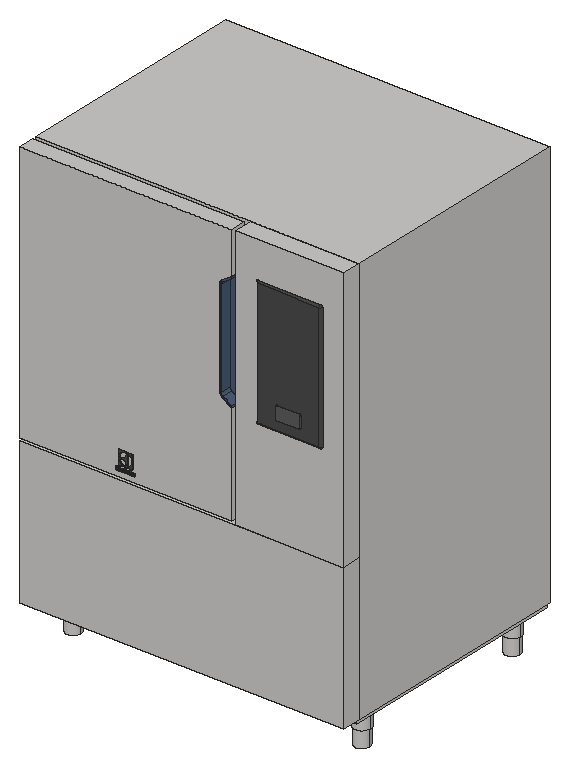
Revit family "QF_ELECTROLUXPROFESSIONAL_727742_EBFA12Q", category Specialty Equipment, Revit 2018 (continued)
Automatic sketch dimensions
  Split face 277 sketch curve to Extrusion 4 = 241.478 mm
  Split face 277 sketch curve to Split face 277 sketch curve = 4.974 mm
  Split face 278 sketch curve to Extrusion 4 = 140.047 mm
  Split face 278 sketch curve to Extrusion 4 = 30.031 mm
  Split face 278 sketch curve to Extrusion 4 = 231.978 mm
  Split face 278 sketch curve to Split face 278 sketch curve = 4.974 mm
  Split face 279 sketch curve to Extrusion 4 = 140.047 mm
  Split face 279 sketch curve to Extrusion 4 = 30.031 mm
  Split face 279 sketch curve to Extrusion 4 = 222.478 mm
  Split face 279 sketch curve to Split face 279 sketch curve = 4.974 mm
  Split face 280 sketch curve to Extrusion 4 = 140.047 mm
  Split face 280 sketch curve to Extrusion 4 = 30.031 mm
  Split face 280 sketch curve to Extrusion 4 = 212.978 mm
  Split face 280 sketch curve to Split face 280 sketch curve = 4.974 mm
  Split face 281 sketch curve to Extrusion 4 = 140.047 mm
  Split face 281 sketch curve to Extrusion 4 = 30.031 mm
  Split face 281 sketch curve to Extrusion 4 = 203.478 mm
  Split face 281 sketch curve to Split face 281 sketch curve = 4.974 mm
  Split face 282 sketch curve to Extrusion 4 = 140.047 mm
  Split face 282 sketch curve to Extrusion 4 = 30.031 mm
  Split face 282 sketch curve to Extrusion 4 = 193.978 mm
  Split face 282 sketch curve to Split face 282 sketch curve = 4.974 mm
  Split face 283 sketch curve to Extrusion 4 = 140.047 mm
  Split face 283 sketch curve to Extrusion 4 = 30.031 mm
  Split face 283 sketch curve to Extrusion 4 = 184.478 mm
  Split face 283 sketch curve to Split face 283 sketch curve = 4.974 mm
  Split face 284 sketch curve to Extrusion 4 = 140.047 mm
  Split face 284 sketch curve to Extrusion 4 = 30.031 mm
  Split face 284 sketch curve to Extrusion 4 = 174.978 mm
  Split face 284 sketch curve to Split face 284 sketch curve = 4.974 mm
  Split face 285 sketch curve to Extrusion 4 = 140.047 mm
  Split face 285 sketch curve to Extrusion 4 = 30.031 mm
  Split face 285 sketch curve to Extrusion 4 = 165.478 mm
  Split face 285 sketch curve to Split face 285 sketch curve = 4.974 mm
  Split face 286 sketch curve to Extrusion 4 = 140.047 mm
  Split face 286 sketch curve to Extrusion 4 = 30.031 mm
  Split face 286 sketch curve to Extrusion 4 = 155.978 mm
  Split face 286 sketch curve to Split face 286 sketch curve = 4.974 mm
  Split face 287 sketch curve to Extrusion 4 = 140.047 mm
  Split face 287 sketch curve to Extrusion 4 = 30.031 mm
  Split face 287 sketch curve to Extrusion 4 = 146.478 mm
  Split face 287 sketch curve to Split face 287 sketch curve = 4.974 mm
  Split face 288 sketch curve to Extrusion 4 = 33.499 mm
  Split face 288 sketch curve to Extrusion 4 = 620.012 mm
  Split face 288 sketch curve to Extrusion 4 = 28.525 mm
  Split face 288 sketch curve to Split face 288 sketch curve = 110.016 mm
  Split face 289 sketch curve to Extrusion 4 = 42.999 mm
  Split face 289 sketch curve to Extrusion 4 = 620.012 mm
  Split face 289 sketch curve to Extrusion 4 = 38.025 mm
  Split face 289 sketch curve to Split face 289 sketch curve = 110.016 mm
  Split face 290 sketch curve to Extrusion 4 = 52.499 mm
  Split face 290 sketch curve to Extrusion 4 = 620.012 mm
  Split face 290 sketch curve to Extrusion 4 = 47.525 mm
  Split face 290 sketch curve to Split face 290 sketch curve = 110.016 mm
  Split face 291 sketch curve to Extrusion 4 = 61.999 mm
  Split face 291 sketch curve to Extrusion 4 = 620.012 mm
  Split face 291 sketch curve to Split face 291 sketch curve = 110.016 mm
  Split face 291 sketch curve to Split face 291 sketch curve = 4.974 mm
  Split face 292 sketch curve to Extrusion 4 = 71.499 mm
  Split face 292 sketch curve to Extrusion 4 = 620.012 mm
  Split face 292 sketch curve to Split face 292 sketch curve = 110.016 mm
  Split face 292 sketch curve to Split face 292 sketch curve = 4.974 mm
  Split face 293 sketch curve to Extrusion 4 = 80.999 mm
  Split face 293 sketch curve to Extrusion 4 = 620.012 mm
  Split face 293 sketch curve to Split face 293 sketch curve = 110.016 mm
  Split face 293 sketch curve to Split face 293 sketch curve = 4.974 mm
  Split face 294 sketch curve to Extrusion 4 = 90.499 mm
  Split face 294 sketch curve to Extrusion 4 = 620.012 mm
  Split face 294 sketch curve to Split face 294 sketch curve = 110.016 mm
  Split face 294 sketch curve to Split face 294 sketch curve = 4.974 mm
  Split face 295 sketch curve to Extrusion 4 = 99.999 mm
  Split face 295 sketch curve to Extrusion 4 = 620.012 mm
  Split face 295 sketch curve to Split face 295 sketch curve = 110.016 mm
  Split face 295 sketch curve to Split face 295 sketch curve = 4.974 mm
  Split face 296 sketch curve to Extrusion 4 = 109.499 mm
  Split face 296 sketch curve to Extrusion 4 = 620.012 mm
  Split face 296 sketch curve to Split face 296 sketch curve = 110.016 mm
  Split face 296 sketch curve to Split face 296 sketch curve = 4.974 mm
  Split face 297 sketch curve to Extrusion 4 = 119 mm
  Split face 297 sketch curve to Extrusion 4 = 620.012 mm
  Split face 297 sketch curve to Split face 297 sketch curve = 110.016 mm
  Split face 297 sketch curve to Split face 297 sketch curve = 4.974 mm
  Split face 298 sketch curve to Extrusion 4 = 128.5 mm
  Split face 298 sketch curve to Extrusion 4 = 620.012 mm
  Split face 298 sketch curve to Split face 298 sketch curve = 110.016 mm
  Split face 298 sketch curve to Split face 298 sketch curve = 4.974 mm
  Split face 299 sketch curve to Extrusion 4 = 138 mm
  Split face 299 sketch curve to Extrusion 4 = 620.012 mm
  Split face 299 sketch curve to Split face 299 sketch curve = 110.016 mm
  Split face 299 sketch curve to Split face 299 sketch curve = 4.974 mm
  Split face 300 sketch curve to Extrusion 4 = 147.5 mm
  Split face 300 sketch curve to Extrusion 4 = 620.012 mm
  Split face 300 sketch curve to Split face 300 sketch curve = 110.016 mm
  Split face 300 sketch curve to Split face 300 sketch curve = 4.974 mm
  Split face 301 sketch curve to Extrusion 4 = 157 mm
  Split face 301 sketch curve to Extrusion 4 = 620.012 mm
  Split face 301 sketch curve to Split face 301 sketch curve = 110.016 mm
  Split face 301 sketch curve to Split face 301 sketch curve = 4.974 mm
  Split face 302 sketch curve to Extrusion 4 = 166.5 mm
  Split face 302 sketch curve to Extrusion 4 = 620.012 mm
  Split face 302 sketch curve to Split face 302 sketch curve = 110.016 mm
  Split face 302 sketch curve to Split face 302 sketch curve = 4.974 mm
  Split face 303 sketch curve to Extrusion 4 = 176 mm
  Split face 303 sketch curve to Extrusion 4 = 620.012 mm
  Split face 303 sketch curve to Split face 303 sketch curve = 110.016 mm
  Split face 303 sketch curve to Split face 303 sketch curve = 4.974 mm
  Split face 304 sketch curve to Extrusion 4 = 185.5 mm
  Split face 304 sketch curve to Extrusion 4 = 620.012 mm
  Split face 304 sketch curve to Split face 304 sketch curve = 110.016 mm
  Split face 304 sketch curve to Split face 304 sketch curve = 4.974 mm
  Split face 305 sketch curve to Extrusion 4 = 195 mm
  Split face 305 sketch curve to Extrusion 4 = 620.012 mm
  Split face 305 sketch curve to Split face 305 sketch curve = 110.016 mm
  Split face 305 sketch curve to Split face 305 sketch curve = 4.974 mm
  Split face 306 sketch curve to Extrusion 4 = 204.5 mm
  Split face 306 sketch curve to Extrusion 4 = 620.012 mm
  Split face 306 sketch curve to Split face 306 sketch curve = 110.016 mm
  Split face 306 sketch curve to Split face 306 sketch curve = 4.974 mm
  Split face 307 sketch curve to Extrusion 4 = 214 mm
  Split face 307 sketch curve to Extrusion 4 = 620.012 mm
  Split face 307 sketch curve to Split face 307 sketch curve = 110.016 mm
  Split face 307 sketch curve to Split face 307 sketch curve = 4.974 mm
  Split face 308 sketch curve to Extrusion 4 = 223.5 mm
  Split face 308 sketch curve to Extrusion 4 = 620.012 mm
  Split face 308 sketch curve to Split face 308 sketch curve = 110.016 mm
  Split face 308 sketch curve to Split face 308 sketch curve = 4.974 mm
  Split face 309 sketch curve to Extrusion 4 = 233.001 mm
  Split face 309 sketch curve to Extrusion 4 = 620.012 mm
  Split face 309 sketch curve to Split face 309 sketch curve = 110.016 mm
  Split face 309 sketch curve to Split face 309 sketch curve = 4.974 mm
  Split face 310 sketch curve to Extrusion 4 = 242.501 mm
  Split face 310 sketch curve to Extrusion 4 = 620.012 mm
  Split face 310 sketch curve to Split face 310 sketch curve = 110.016 mm
  Split face 310 sketch curve to Split face 310 sketch curve = 4.974 mm
  Split face 311 sketch curve to Extrusion 4 = 252.001 mm
  Split face 311 sketch curve to Extrusion 4 = 620.012 mm
  Split face 311 sketch curve to Split face 311 sketch curve = 110.016 mm
  Split face 311 sketch curve to Split face 311 sketch curve = 4.974 mm
  Split face 312 sketch curve to Extrusion 4 = 261.501 mm
  Split face 312 sketch curve to Extrusion 4 = 620.012 mm
  Split face 312 sketch curve to Split face 312 sketch curve = 110.016 mm
  Split face 312 sketch curve to Split face 312 sketch curve = 4.974 mm
  Split face 313 sketch curve to Extrusion 4 = 271.001 mm
  Split face 313 sketch curve to Extrusion 4 = 620.012 mm
  Split face 313 sketch curve to Split face 313 sketch curve = 110.016 mm
  Split face 313 sketch curve to Split face 313 sketch curve = 4.974 mm
  Split face 314 sketch curve to Extrusion 4 = 279.479 mm
  Split face 314 sketch curve to Extrusion 4 = 620.012 mm
  Split face 314 sketch curve to Split face 314 sketch curve = 110.016 mm
  Split face 314 sketch curve to Split face 314 sketch curve = 4.974 mm
  Split face 315 sketch curve to Extrusion 4 = 269.979 mm
  Split face 315 sketch curve to Extrusion 4 = 620.012 mm
  Split face 315 sketch curve to Split face 315 sketch curve = 110.016 mm
  Split face 315 sketch curve to Split face 315 sketch curve = 4.974 mm
  Split face 316 sketch curve to Extrusion 4 = 260.479 mm
  Split face 316 sketch curve to Extrusion 4 = 620.012 mm
  Split face 316 sketch curve to Split face 316 sketch curve = 110.016 mm
  Split face 316 sketch curve to Split face 316 sketch curve = 4.974 mm
  Split face 317 sketch curve to Extrusion 4 = 250.978 mm
  Split face 317 sketch curve to Extrusion 4 = 620.012 mm
  Split face 317 sketch curve to Split face 317 sketch curve = 110.016 mm
  Split face 317 sketch curve to Split face 317 sketch curve = 4.974 mm
  Split face 318 sketch curve to Extrusion 4 = 241.478 mm
  Split face 318 sketch curve to Extrusion 4 = 620.012 mm
  Split face 318 sketch curve to Split face 318 sketch curve = 110.016 mm
  Split face 318 sketch curve to Split face 318 sketch curve = 4.974 mm
  Split face 319 sketch curve to Extrusion 4 = 231.978 mm
  Split face 319 sketch curve to Extrusion 4 = 620.012 mm
  Split face 319 sketch curve to Split face 319 sketch curve = 110.016 mm
  Split face 319 sketch curve to Split face 319 sketch curve = 4.974 mm
  Split face 320 sketch curve to Extrusion 4 = 222.478 mm
  Split face 320 sketch curve to Extrusion 4 = 620.012 mm
  Split face 320 sketch curve to Split face 320 sketch curve = 110.016 mm
  Split face 320 sketch curve to Split face 320 sketch curve = 4.974 mm
  Split face 321 sketch curve to Extrusion 4 = 212.978 mm
  Split face 321 sketch curve to Extrusion 4 = 620.012 mm
  Split face 321 sketch curve to Split face 321 sketch curve = 110.016 mm
  Split face 321 sketch curve to Split face 321 sketch curve = 4.974 mm
  Split face 322 sketch curve to Extrusion 4 = 203.478 mm
  Split face 322 sketch curve to Extrusion 4 = 620.012 mm
  Split face 322 sketch curve to Split face 322 sketch curve = 110.016 mm
  Split face 322 sketch curve to Split face 322 sketch curve = 4.974 mm
  Split face 323 sketch curve to Extrusion 4 = 193.978 mm
  Split face 323 sketch curve to Extrusion 4 = 620.012 mm
  Split face 323 sketch curve to Split face 323 sketch curve = 110.016 mm
  Split face 323 sketch curve to Split face 323 sketch curve = 4.974 mm
  Split face 324 sketch curve to Extrusion 4 = 184.478 mm
  Split face 324 sketch curve to Extrusion 4 = 620.012 mm
  Split face 324 sketch curve to Split face 324 sketch curve = 110.016 mm
  Split face 324 sketch curve to Split face 324 sketch curve = 4.974 mm
  Split face 325 sketch curve to Extrusion 4 = 174.978 mm
  Split face 325 sketch curve to Extrusion 4 = 620.012 mm
  Split face 325 sketch curve to Split face 325 sketch curve = 110.016 mm
  Split face 325 sketch curve to Split face 325 sketch curve = 4.974 mm
  Split face 326 sketch curve to Extrusion 4 = 165.478 mm
  Split face 326 sketch curve to Extrusion 4 = 620.012 mm
  Split face 326 sketch curve to Split face 326 sketch curve = 110.016 mm
  Split face 326 sketch curve to Split face 326 sketch curve = 4.974 mm
  Split face 327 sketch curve to Extrusion 4 = 155.978 mm
  Split face 327 sketch curve to Extrusion 4 = 620.012 mm
  Split face 327 sketch curve to Split face 327 sketch curve = 110.016 mm
  Split face 327 sketch curve to Split face 327 sketch curve = 4.974 mm
  Split face 328 sketch curve to Extrusion 4 = 146.478 mm
  Split face 328 sketch curve to Extrusion 4 = 620.012 mm
  Split face 328 sketch curve to Split face 328 sketch curve = 110.016 mm
  Split face 328 sketch curve to Split face 328 sketch curve = 4.974 mm
  Split face 329 sketch curve to Extrusion 4 = 33.499 mm
  Split face 329 sketch curve to Extrusion 4 = 500.021 mm
  Split face 329 sketch curve to Extrusion 4 = 28.525 mm
  Split face 329 sketch curve to Split face 329 sketch curve = 110.016 mm
  Split face 330 sketch curve to Extrusion 4 = 42.999 mm
  Split face 330 sketch curve to Extrusion 4 = 500.021 mm
  Split face 330 sketch curve to Extrusion 4 = 38.025 mm
  Split face 330 sketch curve to Split face 330 sketch curve = 110.016 mm
  Split face 331 sketch curve to Extrusion 4 = 52.499 mm
  Split face 331 sketch curve to Extrusion 4 = 500.021 mm
  Split face 331 sketch curve to Extrusion 4 = 47.525 mm
  Split face 331 sketch curve to Split face 331 sketch curve = 110.016 mm
  Split face 332 sketch curve to Extrusion 4 = 61.999 mm
  Split face 332 sketch curve to Extrusion 4 = 500.021 mm
  Split face 332 sketch curve to Split face 332 sketch curve = 110.016 mm
  Split face 332 sketch curve to Split face 332 sketch curve = 4.974 mm
  Split face 333 sketch curve to Extrusion 4 = 71.499 mm
  Split face 333 sketch curve to Extrusion 4 = 500.021 mm
  Split face 333 sketch curve to Split face 333 sketch curve = 110.016 mm
  Split face 333 sketch curve to Split face 333 sketch curve = 4.974 mm
  Split face 334 sketch curve to Extrusion 4 = 80.999 mm
  Split face 334 sketch curve to Extrusion 4 = 500.021 mm
  Split face 334 sketch curve to Split face 334 sketch curve = 110.016 mm
  Split face 334 sketch curve to Split face 334 sketch curve = 4.974 mm
  Split face 335 sketch curve to Extrusion 4 = 90.499 mm
  Split face 335 sketch curve to Extrusion 4 = 500.021 mm
  Split face 335 sketch curve to Split face 335 sketch curve = 110.016 mm
  Split face 335 sketch curve to Split face 335 sketch curve = 4.974 mm
  Split face 336 sketch curve to Extrusion 4 = 99.999 mm
  Split face 336 sketch curve to Extrusion 4 = 500.021 mm
  Split face 336 sketch curve to Split face 336 sketch curve = 110.016 mm
  Split face 336 sketch curve to Split face 336 sketch curve = 4.974 mm
  Split face 337 sketch curve to Extrusion 4 = 109.499 mm
  Split face 337 sketch curve to Extrusion 4 = 500.021 mm
  Split face 337 sketch curve to Split face 337 sketch curve = 110.016 mm
  Split face 337 sketch curve to Split face 337 sketch curve = 4.974 mm
  Split face 338 sketch curve to Extrusion 4 = 119 mm
  Split face 338 sketch curve to Extrusion 4 = 500.021 mm
  Split face 338 sketch curve to Split face 338 sketch curve = 110.016 mm
  Split face 338 sketch curve to Split face 338 sketch curve = 4.974 mm
  Split face 339 sketch curve to Extrusion 4 = 128.5 mm
  Split face 339 sketch curve to Extrusion 4 = 500.021 mm
  Split face 339 sketch curve to Split face 339 sketch curve = 110.016 mm
  Split face 339 sketch curve to Split face 339 sketch curve = 4.974 mm
  Split face 340 sketch curve to Extrusion 4 = 138 mm
  Split face 340 sketch curve to Extrusion 4 = 500.021 mm
  Split face 340 sketch curve to Split face 340 sketch curve = 110.016 mm
  Split face 340 sketch curve to Split face 340 sketch curve = 4.974 mm
  Split face 341 sketch curve to Extrusion 4 = 147.5 mm
  Split face 341 sketch curve to Extrusion 4 = 500.021 mm
  Split face 341 sketch curve to Split face 341 sketch curve = 110.016 mm
  Split face 341 sketch curve to Split face 341 sketch curve = 4.974 mm
  Split face 342 sketch curve to Extrusion 4 = 157 mm
  Split face 342 sketch curve to Extrusion 4 = 500.021 mm
  Split face 342 sketch curve to Split face 342 sketch curve = 110.016 mm
  Split face 342 sketch curve to Split face 342 sketch curve = 4.974 mm
  Split face 343 sketch curve to Extrusion 4 = 166.5 mm
  Split face 343 sketch curve to Extrusion 4 = 500.021 mm
  Split face 343 sketch curve to Split face 343 sketch curve = 110.016 mm
  Split face 343 sketch curve to Split face 343 sketch curve = 4.974 mm
  Split face 344 sketch curve to Extrusion 4 = 176 mm
  Split face 344 sketch curve to Extrusion 4 = 500.021 mm
  Split face 344 sketch curve to Split face 344 sketch curve = 110.016 mm
  Split face 344 sketch curve to Split face 344 sketch curve = 4.974 mm
  Split face 345 sketch curve to Extrusion 4 = 185.5 mm
  Split face 345 sketch curve to Extrusion 4 = 500.021 mm
  Split face 345 sketch curve to Split face 345 sketch curve = 110.016 mm
  Split face 345 sketch curve to Split face 345 sketch curve = 4.974 mm
  Split face 346 sketch curve to Extrusion 4 = 195 mm
  Split face 346 sketch curve to Extrusion 4 = 500.021 mm
  Split face 346 sketch curve to Split face 346 sketch curve = 110.016 mm
  Split face 346 sketch curve to Split face 346 sketch curve = 4.974 mm
  Split face 347 sketch curve to Extrusion 4 = 204.5 mm
  Split face 347 sketch curve to Extrusion 4 = 500.021 mm
  Split face 347 sketch curve to Split face 347 sketch curve = 110.016 mm
  Split face 347 sketch curve to Split face 347 sketch curve = 4.974 mm
  Split face 348 sketch curve to Extrusion 4 = 214 mm
  Split face 348 sketch curve to Extrusion 4 = 500.021 mm
  Split face 348 sketch curve to Split face 348 sketch curve = 110.016 mm
  Split face 348 sketch curve to Split face 348 sketch curve = 4.974 mm
  Split face 349 sketch curve to Extrusion 4 = 223.5 mm
  Split face 349 sketch curve to Extrusion 4 = 500.021 mm
  Split face 349 sketch curve to Split face 349 sketch curve = 110.016 mm
  Split face 349 sketch curve to Split face 349 sketch curve = 4.974 mm
  Split face 350 sketch curve to Extrusion 4 = 233.001 mm
  Split face 350 sketch curve to Extrusion 4 = 500.021 mm
  Split face 350 sketch curve to Split face 350 sketch curve = 110.016 mm
  Split face 350 sketch curve to Split face 350 sketch curve = 4.974 mm
  Split face 351 sketch curve to Extrusion 4 = 242.501 mm
  Split face 351 sketch curve to Extrusion 4 = 500.021 mm
  Split face 351 sketch curve to Split face 351 sketch curve = 110.016 mm
  Split face 351 sketch curve to Split face 351 sketch curve = 4.974 mm
  Split face 352 sketch curve to Extrusion 4 = 500.021 mm
  Split face 352 sketch curve to Split face 352 sketch curve = 110.016 mm
  Split face 352 sketch curve to Extrusion 4 = 252.001 mm
  Split face 352 sketch curve to Split face 352 sketch curve = 4.974 mm
  Split face 353 sketch curve to Extrusion 4 = 500.021 mm
  Split face 353 sketch curve to Split face 353 sketch curve = 110.016 mm
  Split face 353 sketch curve to Extrusion 4 = 261.501 mm
  Split face 353 sketch curve to Split face 353 sketch curve = 4.974 mm
  Split face 354 sketch curve to Extrusion 4 = 500.021 mm
  Split face 354 sketch curve to Split face 354 sketch curve = 110.016 mm
  Split face 354 sketch curve to Extrusion 4 = 271.001 mm
  Split face 354 sketch curve to Split face 354 sketch curve = 4.974 mm
  Split face 355 sketch curve to Extrusion 4 = 500.021 mm
  Split face 355 sketch curve to Split face 355 sketch curve = 110.016 mm
  Split face 355 sketch curve to Extrusion 4 = 279.479 mm
  Split face 355 sketch curve to Split face 355 sketch curve = 4.974 mm
  Split face 356 sketch curve to Extrusion 4 = 500.021 mm
  Split face 356 sketch curve to Split face 356 sketch curve = 110.016 mm
  Split face 356 sketch curve to Extrusion 4 = 269.979 mm
  Split face 356 sketch curve to Split face 356 sketch curve = 4.974 mm
  Split face 357 sketch curve to Extrusion 4 = 500.021 mm
  Split face 357 sketch curve to Split face 357 sketch curve = 110.016 mm
  Split face 357 sketch curve to Extrusion 4 = 260.479 mm
  Split face 357 sketch curve to Split face 357 sketch curve = 4.974 mm
  Split face 358 sketch curve to Extrusion 4 = 500.021 mm
  Split face 358 sketch curve to Split face 358 sketch curve = 110.016 mm
  Split face 358 sketch curve to Extrusion 4 = 250.978 mm
  Split face 358 sketch curve to Split face 358 sketch curve = 4.974 mm
  Split face 359 sketch curve to Extrusion 4 = 241.478 mm
  Split face 359 sketch curve to Extrusion 4 = 500.021 mm
  Split face 359 sketch curve to Split face 359 sketch curve = 110.016 mm
  Split face 359 sketch curve to Split face 359 sketch curve = 4.974 mm
  Split face 360 sketch curve to Extrusion 4 = 231.978 mm
  Split face 360 sketch curve to Extrusion 4 = 500.021 mm
  Split face 360 sketch curve to Split face 360 sketch curve = 110.016 mm
  Split face 360 sketch curve to Split face 360 sketch curve = 4.974 mm
  Split face 361 sketch curve to Extrusion 4 = 222.478 mm
  Split face 361 sketch curve to Extrusion 4 = 500.021 mm
  Split face 361 sketch curve to Split face 361 sketch curve = 110.016 mm
  Split face 361 sketch curve to Split face 361 sketch curve = 4.974 mm
  Split face 362 sketch curve to Extrusion 4 = 212.978 mm
  Split face 362 sketch curve to Extrusion 4 = 500.021 mm
  Split face 362 sketch curve to Split face 362 sketch curve = 110.016 mm
  Split face 362 sketch curve to Split face 362 sketch curve = 4.974 mm
  Split face 363 sketch curve to Extrusion 4 = 203.478 mm
  Split face 363 sketch curve to Extrusion 4 = 500.021 mm
  Split face 363 sketch curve to Split face 363 sketch curve = 110.016 mm
  Split face 363 sketch curve to Split face 363 sketch curve = 4.974 mm
  Split face 364 sketch curve to Extrusion 4 = 193.978 mm
  Split face 364 sketch curve to Extrusion 4 = 500.021 mm
  Split face 364 sketch curve to Split face 364 sketch curve = 110.016 mm
  Split face 364 sketch curve to Split face 364 sketch curve = 4.974 mm
  Split face 365 sketch curve to Extrusion 4 = 184.478 mm
  Split face 365 sketch curve to Extrusion 4 = 500.021 mm
  Split face 365 sketch curve to Split face 365 sketch curve = 110.016 mm
  Split face 365 sketch curve to Split face 365 sketch curve = 4.974 mm
  Split face 366 sketch curve to Extrusion 4 = 174.978 mm
  Split face 366 sketch curve to Extrusion 4 = 500.021 mm
  Split face 366 sketch curve to Split face 366 sketch curve = 110.016 mm
  Split face 366 sketch curve to Split face 366 sketch curve = 4.974 mm
  Split face 367 sketch curve to Extrusion 4 = 165.478 mm
  Split face 367 sketch curve to Extrusion 4 = 500.021 mm
  Split face 367 sketch curve to Split face 367 sketch curve = 110.016 mm
  Split face 367 sketch curve to Split face 367 sketch curve = 4.974 mm
  Split face 368 sketch curve to Extrusion 4 = 155.978 mm
  Split face 368 sketch curve to Extrusion 4 = 500.021 mm
  Split face 368 sketch curve to Split face 368 sketch curve = 110.016 mm
  Split face 368 sketch curve to Split face 368 sketch curve = 4.974 mm
  Split face 369 sketch curve to Extrusion 4 = 146.478 mm
  Split face 369 sketch curve to Extrusion 4 = 500.021 mm
  Split face 369 sketch curve to Split face 369 sketch curve = 110.016 mm
  Split face 369 sketch curve to Split face 369 sketch curve = 4.974 mm
  Split face 370 sketch curve to Extrusion 4 = 33.499 mm
  Split face 370 sketch curve to Extrusion 4 = 509.996 mm
  Split face 370 sketch curve to Extrusion 4 = 28.525 mm
  Split face 370 sketch curve to Split face 370 sketch curve = 110.016 mm
  Split face 371 sketch curve to Extrusion 4 = 42.999 mm
  Split face 371 sketch curve to Extrusion 4 = 509.996 mm
  Split face 371 sketch curve to Extrusion 4 = 38.025 mm
  Split face 371 sketch curve to Split face 371 sketch curve = 110.016 mm
  Split face 372 sketch curve to Extrusion 4 = 52.499 mm
  Split face 372 sketch curve to Extrusion 4 = 509.996 mm
  Split face 372 sketch curve to Extrusion 4 = 47.525 mm
  Split face 372 sketch curve to Split face 372 sketch curve = 110.016 mm
  Split face 373 sketch curve to Extrusion 4 = 61.999 mm
  Split face 373 sketch curve to Extrusion 4 = 509.996 mm
  Split face 373 sketch curve to Split face 373 sketch curve = 110.016 mm
  Split face 373 sketch curve to Split face 373 sketch curve = 4.974 mm
  Split face 374 sketch curve to Extrusion 4 = 71.499 mm
  Split face 374 sketch curve to Extrusion 4 = 509.996 mm
  Split face 374 sketch curve to Split face 374 sketch curve = 110.016 mm
  Split face 374 sketch curve to Split face 374 sketch curve = 4.974 mm
  Split face 375 sketch curve to Extrusion 4 = 80.999 mm
  Split face 375 sketch curve to Extrusion 4 = 509.996 mm
  Split face 375 sketch curve to Split face 375 sketch curve = 110.016 mm
  Split face 375 sketch curve to Split face 375 sketch curve = 4.974 mm
  Split face 376 sketch curve to Extrusion 4 = 90.499 mm
  Split face 376 sketch curve to Extrusion 4 = 509.996 mm
  Split face 376 sketch curve to Split face 376 sketch curve = 110.016 mm
  Split face 376 sketch curve to Split face 376 sketch curve = 4.974 mm
  Split face 377 sketch curve to Extrusion 4 = 99.999 mm
  Split face 377 sketch curve to Extrusion 4 = 509.996 mm
  Split face 377 sketch curve to Split face 377 sketch curve = 110.016 mm
  Split face 377 sketch curve to Split face 377 sketch curve = 4.974 mm
  Split face 378 sketch curve to Extrusion 4 = 109.499 mm
  Split face 378 sketch curve to Extrusion 4 = 509.996 mm
  Split face 378 sketch curve to Split face 378 sketch curve = 110.016 mm
  Split face 378 sketch curve to Split face 378 sketch curve = 4.974 mm
  Split face 379 sketch curve to Extrusion 4 = 119 mm
  Split face 379 sketch curve to Extrusion 4 = 509.996 mm
  Split face 379 sketch curve to Split face 379 sketch curve = 110.016 mm
  Split face 379 sketch curve to Split face 379 sketch curve = 4.974 mm
  Split face 380 sketch curve to Extrusion 4 = 128.5 mm
  Split face 380 sketch curve to Extrusion 4 = 509.996 mm
  Split face 380 sketch curve to Split face 380 sketch curve = 110.016 mm
  Split face 380 sketch curve to Split face 380 sketch curve = 4.974 mm
  Split face 381 sketch curve to Extrusion 4 = 138 mm
  Split face 381 sketch curve to Extrusion 4 = 509.996 mm
  Split face 381 sketch curve to Split face 381 sketch curve = 110.016 mm
  Split face 381 sketch curve to Split face 381 sketch curve = 4.974 mm
  Split face 382 sketch curve to Extrusion 4 = 147.5 mm
  Split face 382 sketch curve to Extrusion 4 = 509.996 mm
  Split face 382 sketch curve to Split face 382 sketch curve = 110.016 mm
  Split face 382 sketch curve to Split face 382 sketch curve = 4.974 mm
  Split face 383 sketch curve to Extrusion 4 = 157 mm
  Split face 383 sketch curve to Extrusion 4 = 509.996 mm
  Split face 383 sketch curve to Split face 383 sketch curve = 110.016 mm
  Split face 383 sketch curve to Split face 383 sketch curve = 4.974 mm
  Split face 384 sketch curve to Extrusion 4 = 166.5 mm
  Split face 384 sketch curve to Extrusion 4 = 509.996 mm
  Split face 384 sketch curve to Split face 384 sketch curve = 110.016 mm
  Split face 384 sketch curve to Split face 384 sketch curve = 4.974 mm
  Split face 385 sketch curve to Extrusion 4 = 176 mm
  Split face 385 sketch curve to Extrusion 4 = 509.996 mm
  Split face 385 sketch curve to Split face 385 sketch curve = 110.016 mm
  Split face 385 sketch curve to Split face 385 sketch curve = 4.974 mm
  Split face 386 sketch curve to Extrusion 4 = 185.5 mm
  Split face 386 sketch curve to Extrusion 4 = 509.996 mm
  Split face 386 sketch curve to Split face 386 sketch curve = 110.016 mm
  Split face 386 sketch curve to Split face 386 sketch curve = 4.974 mm
  Split face 387 sketch curve to Extrusion 4 = 195 mm
  Split face 387 sketch curve to Extrusion 4 = 509.996 mm
  Split face 387 sketch curve to Split face 387 sketch curve = 110.016 mm
  Split face 387 sketch curve to Split face 387 sketch curve = 4.974 mm
  Split face 388 sketch curve to Extrusion 4 = 204.5 mm
  Split face 388 sketch curve to Extrusion 4 = 509.996 mm
  Split face 388 sketch curve to Split face 388 sketch curve = 110.016 mm
  Split face 388 sketch curve to Split face 388 sketch curve = 4.974 mm
  Split face 389 sketch curve to Extrusion 4 = 214 mm
  Split face 389 sketch curve to Extrusion 4 = 509.996 mm
  Split face 389 sketch curve to Split face 389 sketch curve = 110.016 mm
  Split face 389 sketch curve to Split face 389 sketch curve = 4.974 mm
  Split face 390 sketch curve to Extrusion 4 = 223.5 mm
  Split face 390 sketch curve to Extrusion 4 = 509.996 mm
  Split face 390 sketch curve to Split face 390 sketch curve = 110.016 mm
  Split face 390 sketch curve to Split face 390 sketch curve = 4.974 mm
  Split face 391 sketch curve to Extrusion 4 = 233.001 mm
  Split face 391 sketch curve to Extrusion 4 = 509.996 mm
  Split face 391 sketch curve to Split face 391 sketch curve = 110.016 mm
  Split face 391 sketch curve to Split face 391 sketch curve = 4.974 mm
  Split face 392 sketch curve to Extrusion 4 = 242.501 mm
  Split face 392 sketch curve to Extrusion 4 = 509.996 mm
  Split face 392 sketch curve to Split face 392 sketch curve = 110.016 mm
  Split face 392 sketch curve to Split face 392 sketch curve = 4.974 mm
  Split face 393 sketch curve to Extrusion 4 = 252.001 mm
  Split face 393 sketch curve to Extrusion 4 = 509.996 mm
  Split face 393 sketch curve to Split face 393 sketch curve = 110.016 mm
  Split face 393 sketch curve to Split face 393 sketch curve = 4.974 mm
  Split face 394 sketch curve to Extrusion 4 = 509.996 mm
  Split face 394 sketch curve to Split face 394 sketch curve = 110.016 mm
  Split face 394 sketch curve to Extrusion 4 = 261.501 mm
  Split face 394 sketch curve to Split face 394 sketch curve = 4.974 mm
  Split face 395 sketch curve to Extrusion 4 = 509.996 mm
  Split face 395 sketch curve to Split face 395 sketch curve = 110.016 mm
  Split face 395 sketch curve to Extrusion 4 = 271.001 mm
  Split face 395 sketch curve to Split face 395 sketch curve = 4.974 mm
  Split face 396 sketch curve to Extrusion 4 = 509.996 mm
  Split face 396 sketch curve to Split face 396 sketch curve = 110.016 mm
  Split face 396 sketch curve to Extrusion 4 = 279.479 mm
  Split face 396 sketch curve to Split face 396 sketch curve = 4.974 mm
  Split face 397 sketch curve to Extrusion 4 = 509.996 mm
  Split face 397 sketch curve to Split face 397 sketch curve = 110.016 mm
  Split face 397 sketch curve to Extrusion 4 = 269.979 mm
  Split face 397 sketch curve to Split face 397 sketch curve = 4.974 mm
  Split face 398 sketch curve to Extrusion 4 = 509.996 mm
  Split face 398 sketch curve to Split face 398 sketch curve = 110.016 mm
  Split face 398 sketch curve to Extrusion 4 = 260.479 mm
  Split face 398 sketch curve to Split face 398 sketch curve = 4.974 mm
  Split face 399 sketch curve to Extrusion 4 = 250.978 mm
  Split face 399 sketch curve to Extrusion 4 = 509.996 mm
  Split face 399 sketch curve to Split face 399 sketch curve = 110.016 mm
  Split face 399 sketch curve to Split face 399 sketch curve = 4.974 mm
  Split face 400 sketch curve to Extrusion 4 = 241.478 mm
  Split face 400 sketch curve to Extrusion 4 = 509.996 mm
  Split face 400 sketch curve to Split face 400 sketch curve = 110.016 mm
  Split face 400 sketch curve to Split face 400 sketch curve = 4.974 mm
  Split face 401 sketch curve to Extrusion 4 = 231.978 mm
  Split face 401 sketch curve to Extrusion 4 = 509.996 mm
  Split face 401 sketch curve to Split face 401 sketch curve = 110.016 mm
  Split face 401 sketch curve to Split face 401 sketch curve = 4.974 mm
  Split face 402 sketch curve to Extrusion 4 = 222.478 mm
  Split face 402 sketch curve to Extrusion 4 = 509.996 mm
  Split face 402 sketch curve to Split face 402 sketch curve = 110.016 mm
  Split face 402 sketch curve to Split face 402 sketch curve = 4.974 mm
  Split face 403 sketch curve to Extrusion 4 = 212.978 mm
  Split face 403 sketch curve to Extrusion 4 = 509.996 mm
  Split face 403 sketch curve to Split face 403 sketch curve = 110.016 mm
  Split face 403 sketch curve to Split face 403 sketch curve = 4.974 mm
  Split face 404 sketch curve to Extrusion 4 = 203.478 mm
  Split face 404 sketch curve to Extrusion 4 = 509.996 mm
  Split face 404 sketch curve to Split face 404 sketch curve = 110.016 mm
  Split face 404 sketch curve to Split face 404 sketch curve = 4.974 mm
  Split face 405 sketch curve to Extrusion 4 = 193.978 mm
  Split face 405 sketch curve to Extrusion 4 = 509.996 mm
  Split face 405 sketch curve to Split face 405 sketch curve = 110.016 mm
  Split face 405 sketch curve to Split face 405 sketch curve = 4.974 mm
  Split face 406 sketch curve to Extrusion 4 = 184.478 mm
  Split face 406 sketch curve to Extrusion 4 = 509.996 mm
  Split face 406 sketch curve to Split face 406 sketch curve = 110.016 mm
  Split face 406 sketch curve to Split face 406 sketch curve = 4.974 mm
  Split face 407 sketch curve to Extrusion 4 = 174.978 mm
  Split face 407 sketch curve to Extrusion 4 = 509.996 mm
  Split face 407 sketch curve to Split face 407 sketch curve = 110.016 mm
  Split face 407 sketch curve to Split face 407 sketch curve = 4.974 mm
  Split face 408 sketch curve to Extrusion 4 = 165.478 mm
  Split face 408 sketch curve to Extrusion 4 = 509.996 mm
  Split face 408 sketch curve to Split face 408 sketch curve = 110.016 mm
  Split face 408 sketch curve to Split face 408 sketch curve = 4.974 mm
  Split face 409 sketch curve to Extrusion 4 = 155.978 mm
  Split face 409 sketch curve to Extrusion 4 = 509.996 mm
  Split face 409 sketch curve to Split face 409 sketch curve = 110.016 mm
  Split face 409 sketch curve to Split face 409 sketch curve = 4.974 mm
  Split face 410 sketch curve to Extrusion 4 = 146.478 mm
  Split face 410 sketch curve to Extrusion 4 = 509.996 mm
  Split face 410 sketch curve to Split face 410 sketch curve = 110.016 mm
  Split face 410 sketch curve to Split face 410 sketch curve = 4.974 mm
  Extrusion 14 sketch curve to plane 7 "TOP" = 0 mm
  plane 5 "FRONT" to Extrusion 14 sketch curve = 0 mm
  plane 10 to Extrusion 14 sketch curve = 47.24 mm
  Extrusion 14 sketch curve to plane 7 "TOP" = 186.112 mm
  Extrusion 14 sketch curve to Extrusion 14 sketch curve = 8.487 mm
  Extrusion 14 sketch curve to Extrusion 14 sketch curve = 8.95 mm
  Extrusion 14 sketch curve to Extrusion 14 sketch curve = 10.513 mm
  Extrusion 14 sketch curve to Extrusion 14 sketch curve = 11.05 mm
  Extrusion 14 sketch curve to Extrusion 14 sketch curve = 35.79 mm
  Extrusion 14 sketch curve to plane 7 "TOP" = 162.03 mm
  Extrusion 14 sketch curve to Extrusion 14 sketch curve = 36.253 mm
  Extrusion 14 sketch curve to Extrusion 14 sketch curve = 374.913 mm
  Extrusion 14 sketch curve to Extrusion 14 sketch curve = 23.723 mm
  plane 6 to Extrusion 14 sketch curve = 589.524 mm
  plane 10 to Extrusion 15 sketch curve = 47.24 mm
  Extrusion 15 sketch curve to plane 7 "TOP" = 186.112 mm
  Extrusion 15 sketch curve to Extrusion 15 sketch curve = 8.487 mm
  Extrusion 15 sketch curve to Extrusion 15 sketch curve = 8.95 mm
  Extrusion 15 sketch curve to Extrusion 15 sketch curve = 19 mm
  Extrusion 15 sketch curve to Extrusion 15 sketch curve = 11.05 mm
  Extrusion 15 sketch curve to Extrusion 15 sketch curve = 374.913 mm
  Extrusion 15 sketch curve to plane 7 "TOP" = 162.03 mm
  Extrusion 15 sketch curve to Extrusion 15 sketch curve = 36.253 mm
  Extrusion 15 sketch curve to Extrusion 15 sketch curve = 35.79 mm
  Extrusion 15 sketch curve to Extrusion 15 sketch curve = 0 mm  (x3)
  Extrusion 15 sketch curve to Extrusion 15 sketch curve = 23.723 mm
  Extrusion 16 sketch curve to Extrusion 16 sketch curve = 0 mm  (x4)
  Extrusion 16 sketch curve to plane 7 "TOP" = 168.172 mm
  Extrusion 16 sketch curve to plane 10 = 0 mm  (x2)
  Extrusion 16 sketch curve to plane 7 "TOP" = 162.03 mm
  Extrusion 16 sketch curve to Extrusion 16 sketch curve = 2.5 mm  (x2)
  Extrusion 16 sketch curve to Extrusion 16 sketch curve = 27.24 mm
  Extrusion 16 sketch curve to Extrusion 16 sketch curve = 28.24 mm
  Extrusion 16 sketch curve to Extrusion 16 sketch curve = 7.459 mm
  Extrusion 16 sketch curve to plane 7 "TOP" = 191.526 mm
  Extrusion 16 sketch curve to Extrusion 16 sketch curve = 6.917 mm
  Extrusion 16 sketch curve to Extrusion 16 sketch curve = 3.591 mm
  Extrusion 16 sketch curve to plane 7 "TOP" = 186.112 mm
  Extrusion 16 sketch curve to Extrusion 16 sketch curve = 3.597 mm
  Extrusion 16 sketch curve to Extrusion 16 sketch curve = 5.583 mm
  Extrusion 16 sketch curve to Extrusion 16 sketch curve = 374.913 mm
  Extrusion 16 sketch curve to Extrusion 16 sketch curve = 23 mm
  Extrusion 16 sketch curve to Extrusion 16 sketch curve = 6.141 mm
  plane 5 "FRONT" to Extrusion 1 sketch curve = 76 mm
  plane 5 "FRONT" to Extrusion 5 sketch curve = 78 mm
  curve 21 to plane 12 "LEFT" = 0 mm
  curve 19 to plane 12 "LEFT" = 0 mm
  curve 27 to plane 5 "FRONT" = 0 mm
  curve 18 to plane 5 "FRONT" = 0 mm
  curve 27 to plane 5 "FRONT" = 1 mm
  plane 3 "Center Y" to curve 27 = 148.46 mm
  curve 27 to curve 23 = 44.74 mm
  curve 22 to curve 25 = 2.5 mm
  curve 20 to curve 18 = 14.8 mm
  plane 5 "FRONT" to curve 26 = 39 mm
  curve 21 to curve 20 = 60 mm
  curve 20 to curve 18 = 16 mm
  Extrusion 10 sketch curve to plane 5 "FRONT" = 0 mm
  plane 12 "LEFT" to Extrusion 10 sketch curve = 23.403 mm
  Extrusion 10 sketch curve to plane 13 = 14 mm
  plane 3 "Center Y" to Extrusion 10 sketch curve = 193.2 mm
  plane 10 to Extrusion 10 sketch curve = 2.5 mm
  curve 1 to plane 4 "BACK" = 0 mm
  curve 1 to plane 11 "RIGHT" = 0 mm
  curve 13 to plane 5 "FRONT" = 0 mm
  curve 6 to plane 9 = 0 mm
  curve 14 to plane 5 "FRONT" = 0 mm
  curve 17 to plane 5 "FRONT" = 0 mm
  curve 2 to plane 12 "LEFT" = 0 mm
  curve 15 to plane 5 "FRONT" = 0 mm
  plane 14 to curve 9 = 15.5 mm
  curve 13 to plane 5 "FRONT" = 5 mm
  plane 14 to curve 13 = 22.5 mm
  curve 8 to curve 10 = 21 mm
  curve 8 to curve 6 = 63.778 mm
  curve 11 to curve 11 = 238 mm
  curve 6 to curve 6 = 164.232 mm
  plane 10 to curve 17 = 2.5 mm
  curve 17 to plane 13 = 14 mm
  plane 12 "LEFT" to curve 14 = 23.403 mm
  curve 16 to plane 12 "LEFT" = 7 mm
  curve 10 to curve 10 = 29 mm
  plane 5 "FRONT" to curve 14 = 17.949 mm
  curve 13 to curve 11 = 8 mm
  curve 10 to curve 7 = 55.686 mm
  curve 11 to curve 12 = 8 mm
  curve 5 to curve 5 = 8.092 mm
  curve 3 to curve 14 = 14.8 mm
  curve 2 to curve 14 = 58.051 mm
  radius of Extrusion 3 sketch curve = 10.5 mm
  radius of Extrusion 6 sketch curve = 9.5 mm
Nested families
  nested 1: "Foot_Complete" at (-869.5, -118.149, 0), type "Foot_Complete"
    with H 130 mm
  nested 2: "Foot_Complete" at (246.5, -118.149, 0), type "Foot_Complete"
    with H 130 mm
  nested 3: "Foot_Complete" at (246.5, 608.851, 0), type "Foot_Complete"
    with H 130 mm
  nested 4: "Foot_Complete" at (-869.5, 608.851, 0), type "Foot_Complete"
    with H 130 mm
  nested 5: "ELX_Touch" at (105, -292.149, 1341.605) x (-1, 0, 0) z (0, -1, 0), type "ELX_Touch"
  nested 6: "ELX_Logo_S_New" at (-527.4, -292.149, 749.524) x (1, 0, 0) z (0, -1, 0), visible <- "Show Logo", type "ELX_Logo_S_New"
    with M QF_Finishes_Black
  nested 7: "ELX_Logo_Symbol" at (-527.4, -292.149, 789.524) x (-1, 0, 0) z (0, -1, 0), visible <- "Show Logo", type "ELX_Logo_Symbol"
    with M QF_Finishes_Black
Connectors
  electrical at (220.5, 732.851, 593), driven by "Volts"
    settings: on Extrusion 3, index 5, voltage 208 V, apparent load 0 VA, apparent load phase1 0 VA, apparent load phase2 0 VA, apparent load phase3 0 VA, power factor 1, load classification "Altro", number of poles 1, system type 30, power factor state 1, is connector primary yes, connector utility no, sub classification motor no, connector description "Electrical Connection"
  piping at (-366.5, 215.851, 98.32), diameter 19
    settings: on cut or joined group of Extrusion 1, Extrusion 2, Extrusion 3, Extrusion 5, Extrusion 6, Extrusion 7, Extrusion 13, index 6, connector inside diameter 609.6 mm, connector length 0 mm, flow factor 0, pipe flow 0.0 L/s, pressure drop 0.0 Pa, fitting loss kfactor 0, connector angle 0.00°, fixture units 0, engagement length 0 mm, angle of deflection 0.00°, flow configuration 1, flow direction 2, fitting loss method 0, system type 16, joint type 0, gender type 0, connector reference index -1, connector utility 0, adjustable connector no, is connector primary yes, connector description "Drain"
Definition of nested family "Foot_Complete"
  Parameters
    R = 32 mm
    H = 150 mm
  Reference planes
    plane 1 "Centro (Fronte/Retro)": y = 0
    plane 2: z = 0
    plane 3 "Centro (Sinistra/Destra)": x = 0
    plane 4: z = 150
  Forms (mm)
    Revolve 1, solid
      sketch origin (255.05, 0, 608.09) x (0, 0, 1) y (-1, 0, 0)
        loop
          line (-608.09, 255.05) -> (-608.09, 226.55) -> (-544.09, 226.55) -> (-544.09, 223.05) -> (-458.09, 223.05) -> (-458.09, 255.05) -> (-608.09, 255.05)
        axis (-608.09, 255.05) -> (-458.09, 255.05)
      angle from 0 to 360
  Dimensions and locks
    locked: level to Revolve 1 sketch curve at 64
    "R": Revolve 1 sketch curve to plane 3 "Centro (Sinistra/Destra)"
    "H": plane 4 to level
    aligned and locked: level to plane 2
    aligned and locked: plane 4 to Revolve 1 sketch curve
    aligned and locked: Revolve 1 sketch curve to level
    aligned and locked: plane 3 "Centro (Sinistra/Destra)" to Revolve 1 sketch curve
  Automatic sketch dimensions
    Revolve 1 sketch curve to plane 3 "Centro (Sinistra/Destra)" = 0 mm
    plane 3 "Centro (Sinistra/Destra)" to Revolve 1 sketch curve = 28.5 mm
    Revolve 1 sketch curve to Revolve 1 sketch curve = 50 mm
    Revolve 1 sketch curve to Revolve 1 sketch curve = 20 mm
Definition of nested family "ELX_Touch"
  Parameters
    Default Elevation = 1219.2 mm
  Reference planes
    plane 1 "Centro (Fronte/Retro)": y = 0
    plane 2: z = 0
    plane 3 "Centro (Sinistra/Destra)": x = 0
  Forms (mm)
    Extrusion 1, solid
      sketch origin (0, 0, 0) x (1, 0, 0) y (0, 1, 0)
        loop
          line (-1219.2, 1219.2) -> (-1219.2, -1219.2) -> (1219.2, -1219.2) -> (1219.2, 1219.2) -> (-1219.2, 1219.2)
      from 0 to -304.8
    Extrusion 2, solid
      sketch origin (0, 0, 5) x (1, 0, 0) y (0, 1, 0)
        loop
          line (-47, -160) -> (-47, -202)
          arc (-47, -202) -> (-45.536, -205.535) -> (-42, -207) r 5
          line (-42, -207) -> (42, -207)
          arc (42, -207) -> (45.536, -205.535) -> (47, -202) r 5
          line (47, -202) -> (47, -160)
          arc (47, -160) -> (45.536, -156.465) -> (42, -155) r 5
          line (42, -155) -> (-42, -155)
          arc (-42, -155) -> (-45.536, -156.465) -> (-47, -160) r 5
      from 0 to 2
    Blend 3, solid
      base sketch origin (0, 0, 0) x (1, 0, 0) y (0, 1, 0)
        loop
          line (-127, 244) -> (-127, -244)
          arc (-127, -244) -> (-125.536, -247.536) -> (-122, -249) r 5
          line (-122, -249) -> (122, -249)
          arc (122, -249) -> (125.536, -247.536) -> (127, -244) r 5
          line (127, -244) -> (127, 244)
          arc (127, 244) -> (125.536, 247.536) -> (122, 249) r 5
          line (122, 249) -> (-122, 249)
          arc (-122, 249) -> (-125.536, 247.536) -> (-127, 244) r 5
      top sketch origin (0, 0, 0) x (1, 0, 0) y (0, 1, 0)
        loop
          line (-119, -241) -> (119, -241) -> (119, 241) -> (-119, 241) -> (-119, -241)
      from 0 to 5
  Lines and regions (mm)
    Split face 1
      outline origin (0, 0, 5) x (1, 0, 0) y (0, 1, 0)
        loop
          line (-70.506, 46.167) -> (70.506, 46.167) -> (70.506, 214.829) -> (-70.506, 214.829) -> (-70.506, 46.167)
    Split face 2
      outline origin (0, 0, 5) x (1, 0, 0) y (0, 1, 0)
        loop
          line (-47.467, 50.825) -> (47.467, 50.825) -> (47.467, 210.171) -> (-47.467, 210.171) -> (-47.467, 50.825)
    Split face 3
      outline origin (0, 0, 5) x (1, 0, 0) y (0, 1, 0)
        loop
          line (-70.521, -215.33) -> (70.521, -215.33) -> (70.521, -146.67) -> (-70.521, -146.67) -> (-70.521, -215.33)
    Split face 4
      outline origin (0, 0, 5) x (1, 0, 0) y (0, 1, 0)
        loop
          line (-119, 201.163) -> (-70.506, 201.163)
        loop
          line (70.506, 201.163) -> (119, 201.163)
        loop
          line (70.521, -200.849) -> (119, -200.849)
        loop
          line (-119, -200.849) -> (-70.521, -200.849)
  Dimensions and locks
    aligned and locked: plane 2 to Extrusion 1
    aligned and locked: level to Extrusion 1
Definition of nested family "ELX_Logo_S_New"
  Parameters
    Default Elevation = 0 mm
    M [instance] = none
  Reference planes
    plane 1 "Centro (Fronte/Retro)": y = 0
    plane 2: z = 0
    plane 3 "Centro (Sinistra/Destra)": x = 0
  Forms (mm)
    Extrusion 1, solid
      sketch origin (0, 0, 0) x (1, 0, 0) y (0, 1, 0)
        loop
          line (-1219.2, 1219.2) -> (-1219.2, -1219.2) -> (1219.2, -1219.2) -> (1219.2, 1219.2) -> (-1219.2, 1219.2)
      from 0 to -304.8
    Extrusion 2, solid, material <- "M"
      sketch origin (0, 0, 0) x (1, 0, 0) y (0, 1, 0)
        loop
          spline (-32.537, -4.135) -> (-32.702, -4.128) -> (-32.877, -4.105) -> (-33.059, -4.064) -> (-33.242, -4.002) -> (-33.422, -3.916) -> (-33.593, -3.803) -> (-33.751, -3.66) -> (-33.891, -3.486) -> (-34.008, -3.276) -> (-34.098, -3.029) -> (-34.155, -2.741) -> (-34.176, -2.41)
          line (-34.176, -2.41) -> (-34.176, -0.943) -> (-29.331, -0.943) -> (-29.331, 0.928) -> (-34.176, 0.928) -> (-34.176, 3.652) -> (-29.023, 3.652) -> (-29.023, 5.518) -> (-36.159, 5.518) -> (-36.159, -2.326)
          spline (-36.159, -2.326) -> (-36.142, -2.808) -> (-36.088, -3.263) -> (-35.996, -3.688) -> (-35.867, -4.083) -> (-35.698, -4.445) -> (-35.489, -4.773) -> (-35.239, -5.066) -> (-34.946, -5.322) -> (-34.61, -5.539) -> (-34.23, -5.716) -> (-33.804, -5.851) -> (-33.332, -5.943)
          line (-33.332, -5.943) -> (-32.554, -5.999) -> (-28.885, -5.999) -> (-28.885, -4.135) -> (-32.537, -4.135)
        loop
          line (-27.476, 0.076) -> (-27.476, -6.002) -> (-25.492, -6.002) -> (-25.492, 5.521) -> (-27.476, 5.521) -> (-27.476, 0.076)
        loop
          spline (-15.702, -2.321) -> (-15.689, -1.697) -> (-15.749, -1.094) -> (-15.879, -0.516) -> (-16.078, 0.029) -> (-16.341, 0.538) -> (-16.668, 1.004) -> (-17.055, 1.422) -> (-17.5, 1.786) -> (-17.999, 2.091) -> (-18.552, 2.331) -> (-19.154, 2.5) -> (-19.804, 2.594)
          spline (-19.804, 2.594) -> (-20.422, 2.558) -> (-21.009, 2.453) -> (-21.56, 2.28) -> (-22.072, 2.042) -> (-22.54, 1.743) -> (-22.96, 1.385) -> (-23.327, 0.97) -> (-23.638, 0.502) -> (-23.887, -0.018) -> (-24.07, -0.586) -> (-24.183, -1.2) -> (-24.222, -1.857)
          spline (-24.222, -1.857) -> (-24.184, -2.498) -> (-24.074, -3.097) -> (-23.895, -3.652) -> (-23.651, -4.16) -> (-23.344, -4.618) -> (-22.979, -5.023) -> (-22.559, -5.374) -> (-22.087, -5.667) -> (-21.567, -5.899) -> (-21.003, -6.068) -> (-20.397, -6.172) -> (-19.754, -6.207)
          spline (-19.754, -6.207) -> (-19.44, -6.2) -> (-19.13, -6.176) -> (-18.823, -6.135) -> (-18.52, -6.074) -> (-18.221, -5.993) -> (-17.925, -5.89) -> (-17.634, -5.762) -> (-17.346, -5.609) -> (-17.062, -5.43) -> (-16.782, -5.221) -> (-16.506, -4.983) -> (-16.234, -4.713)
          line (-16.234, -4.713) -> (-17.429, -3.55)
          spline (-17.429, -3.55) -> (-17.587, -3.702) -> (-17.745, -3.841) -> (-17.906, -3.967) -> (-18.07, -4.08) -> (-18.239, -4.181) -> (-18.415, -4.268) -> (-18.599, -4.343) -> (-18.792, -4.404) -> (-18.996, -4.452) -> (-19.213, -4.486) -> (-19.443, -4.506) -> (-19.688, -4.513)
          spline (-19.688, -4.513) -> (-20.047, -4.496) -> (-20.383, -4.443) -> (-20.696, -4.358) -> (-20.984, -4.24) -> (-21.246, -4.092) -> (-21.479, -3.915) -> (-21.683, -3.711) -> (-21.856, -3.48) -> (-21.997, -3.224) -> (-22.104, -2.945) -> (-22.176, -2.643) -> (-22.212, -2.321)
          line (-22.212, -2.321) -> (-15.702, -2.321)
        loop
          spline (-17.695, -0.926) -> (-17.714, -0.681) -> (-17.771, -0.445) -> (-17.861, -0.221) -> (-17.984, -0.01) -> (-18.135, 0.184) -> (-18.314, 0.36) -> (-18.516, 0.516) -> (-18.741, 0.648) -> (-18.984, 0.755) -> (-19.244, 0.834) -> (-19.518, 0.883) -> (-19.804, 0.9)
          spline (-19.804, 0.9) -> (-20.11, 0.884) -> (-20.405, 0.835) -> (-20.686, 0.757) -> (-20.95, 0.652) -> (-21.195, 0.521) -> (-21.419, 0.367) -> (-21.618, 0.192) -> (-21.79, -0.003) -> (-21.934, -0.214) -> (-22.045, -0.439) -> (-22.122, -0.678) -> (-22.162, -0.926)
          line (-22.162, -0.926) -> (-17.695, -0.926)
        loop
          spline (-12.669, -1.807) -> (-12.646, -1.438) -> (-12.58, -1.088) -> (-12.472, -0.759) -> (-12.326, -0.455) -> (-12.145, -0.177) -> (-11.93, 0.072) -> (-11.685, 0.289) -> (-11.412, 0.473) -> (-11.114, 0.62) -> (-10.793, 0.728) -> (-10.453, 0.794) -> (-10.095, 0.817)
          spline (-10.095, 0.817) -> (-9.876, 0.81) -> (-9.665, 0.79) -> (-9.464, 0.756) -> (-9.271, 0.709) -> (-9.086, 0.65) -> (-8.908, 0.578) -> (-8.737, 0.495) -> (-8.572, 0.399) -> (-8.414, 0.292) -> (-8.261, 0.173) -> (-8.113, 0.044) -> (-7.969, -0.096)
          line (-7.969, -0.096) -> (-6.741, 1.183)
          spline (-6.741, 1.183) -> (-6.985, 1.427) -> (-7.237, 1.647) -> (-7.496, 1.843) -> (-7.762, 2.015) -> (-8.034, 2.164) -> (-8.312, 2.291) -> (-8.596, 2.397) -> (-8.886, 2.482) -> (-9.181, 2.546) -> (-9.481, 2.592) -> (-9.786, 2.619) -> (-10.095, 2.627)
          spline (-10.095, 2.627) -> (-10.715, 2.589) -> (-11.308, 2.476) -> (-11.871, 2.294) -> (-12.396, 2.046) -> (-12.88, 1.736) -> (-13.316, 1.369) -> (-13.7, 0.949) -> (-14.026, 0.48) -> (-14.289, -0.035) -> (-14.483, -0.59) -> (-14.604, -1.182) -> (-14.645, -1.807)
          spline (-14.645, -1.807) -> (-14.604, -2.431) -> (-14.483, -3.023) -> (-14.289, -3.578) -> (-14.026, -4.093) -> (-13.7, -4.562) -> (-13.316, -4.983) -> (-12.88, -5.35) -> (-12.396, -5.659) -> (-11.871, -5.907) -> (-11.308, -6.09) -> (-10.715, -6.202) -> (-10.095, -6.24)
          spline (-10.095, -6.24) -> (-9.786, -6.232) -> (-9.481, -6.205) -> (-9.181, -6.16) -> (-8.886, -6.095) -> (-8.596, -6.01) -> (-8.312, -5.904) -> (-8.034, -5.777) -> (-7.762, -5.628) -> (-7.496, -5.456) -> (-7.237, -5.26) -> (-6.985, -5.04) -> (-6.741, -4.796)
          line (-6.741, -4.796) -> (-7.969, -3.517)
          spline (-7.969, -3.517) -> (-8.113, -3.657) -> (-8.261, -3.786) -> (-8.414, -3.905) -> (-8.572, -4.012) -> (-8.737, -4.108) -> (-8.908, -4.192) -> (-9.086, -4.263) -> (-9.271, -4.323) -> (-9.464, -4.369) -> (-9.665, -4.403) -> (-9.876, -4.423) -> (-10.095, -4.43)
          spline (-10.095, -4.43) -> (-10.453, -4.408) -> (-10.793, -4.341) -> (-11.114, -4.233) -> (-11.412, -4.086) -> (-11.685, -3.902) -> (-11.93, -3.685) -> (-12.145, -3.436) -> (-12.326, -3.158) -> (-12.472, -2.854) -> (-12.58, -2.526) -> (-12.646, -2.176) -> (-12.669, -1.807)
        loop
          spline (-1.683, -4.138) -> (-1.858, -4.14) -> (-2.045, -4.127) -> (-2.24, -4.095) -> (-2.438, -4.04) -> (-2.633, -3.959) -> (-2.822, -3.85) -> (-2.998, -3.709) -> (-3.157, -3.533) -> (-3.294, -3.318) -> (-3.404, -3.061) -> (-3.483, -2.76) -> (-3.524, -2.411)
          line (-3.524, -2.411) -> (-3.524, 0.529) -> (-1.72, 0.529) -> (-1.72, 2.331) -> (-3.522, 2.331) -> (-3.522, 5.521) -> (-5.506, 5.521) -> (-5.506, -2.523)
          spline (-5.506, -2.523) -> (-5.463, -2.99) -> (-5.386, -3.429) -> (-5.274, -3.839) -> (-5.126, -4.218) -> (-4.941, -4.564) -> (-4.717, -4.877) -> (-4.455, -5.155) -> (-4.153, -5.396) -> (-3.81, -5.599) -> (-3.425, -5.762) -> (-2.998, -5.884) -> (-2.528, -5.964)
          line (-2.528, -5.964) -> (-1.69, -6.002) -> (-1.683, -4.138)
        loop
          spline (4.991, 2.446) -> (4.648, 2.468) -> (4.318, 2.461) -> (4.001, 2.429) -> (3.699, 2.371) -> (3.413, 2.288) -> (3.142, 2.182) -> (2.89, 2.052) -> (2.655, 1.901) -> (2.439, 1.728) -> (2.244, 1.535) -> (2.069, 1.322) -> (1.917, 1.091)
          line (1.917, 1.091) -> (1.917, 2.33) -> (-0.051, 2.33) -> (-0.051, -6.002) -> (1.917, -6.002) -> (1.917, -1.621)
          spline (1.917, -1.621) -> (1.935, -1.288) -> (1.988, -0.979) -> (2.075, -0.693) -> (2.195, -0.432) -> (2.345, -0.197) -> (2.526, 0.01) -> (2.736, 0.189) -> (2.972, 0.338) -> (3.235, 0.456) -> (3.522, 0.541) -> (3.832, 0.594) -> (4.165, 0.611)
          line (4.165, 0.611) -> (4.991, 0.529) -> (4.991, 2.446)
        loop
          spline (14.388, -1.836) -> (14.347, -1.224) -> (14.226, -0.642) -> (14.031, -0.093) -> (13.768, 0.418) -> (13.441, 0.887) -> (13.057, 1.308) -> (12.621, 1.677) -> (12.137, 1.989) -> (11.612, 2.24) -> (11.051, 2.425) -> (10.459, 2.539) -> (9.842, 2.578)
          spline (9.842, 2.578) -> (9.221, 2.539) -> (8.627, 2.425) -> (8.064, 2.24) -> (7.539, 1.989) -> (7.056, 1.677) -> (6.62, 1.308) -> (6.237, 0.887) -> (5.912, 0.418) -> (5.65, -0.093) -> (5.456, -0.642) -> (5.336, -1.224) -> (5.295, -1.836)
          spline (5.295, -1.836) -> (5.336, -2.447) -> (5.456, -3.029) -> (5.65, -3.578) -> (5.912, -4.089) -> (6.237, -4.558) -> (6.62, -4.979) -> (7.056, -5.348) -> (7.539, -5.66) -> (8.064, -5.911) -> (8.627, -6.096) -> (9.221, -6.211) -> (9.842, -6.25)
          spline (9.842, -6.25) -> (10.459, -6.211) -> (11.051, -6.096) -> (11.612, -5.911) -> (12.137, -5.66) -> (12.621, -5.348) -> (13.057, -4.979) -> (13.441, -4.558) -> (13.768, -4.089) -> (14.031, -3.578) -> (14.226, -3.029) -> (14.347, -2.447) -> (14.388, -1.836)
        loop
          spline (12.42, -1.836) -> (12.397, -1.475) -> (12.33, -1.131) -> (12.222, -0.807) -> (12.075, -0.504) -> (11.893, -0.227) -> (11.677, 0.022) -> (11.431, 0.241) -> (11.157, 0.426) -> (10.859, 0.575) -> (10.538, 0.685) -> (10.198, 0.753) -> (9.842, 0.777)
          spline (9.842, 0.777) -> (9.482, 0.753) -> (9.14, 0.685) -> (8.818, 0.575) -> (8.519, 0.426) -> (8.246, 0.241) -> (8.001, 0.022) -> (7.786, -0.227) -> (7.605, -0.504) -> (7.459, -0.807) -> (7.352, -1.131) -> (7.286, -1.475) -> (7.263, -1.836)
          spline (7.263, -1.836) -> (7.286, -2.196) -> (7.352, -2.54) -> (7.459, -2.865) -> (7.605, -3.167) -> (7.786, -3.444) -> (8.001, -3.694) -> (8.246, -3.912) -> (8.519, -4.098) -> (8.818, -4.247) -> (9.14, -4.357) -> (9.482, -4.425) -> (9.842, -4.448)
          spline (9.842, -4.448) -> (10.198, -4.425) -> (10.538, -4.357) -> (10.859, -4.247) -> (11.157, -4.098) -> (11.431, -3.912) -> (11.677, -3.694) -> (11.893, -3.444) -> (12.075, -3.167) -> (12.222, -2.865) -> (12.33, -2.54) -> (12.397, -2.196) -> (12.42, -1.836)
        loop
          line (15.608, 0.275) -> (15.608, -6.002) -> (17.593, -6.002) -> (17.593, 5.521) -> (15.608, 5.521) -> (15.608, 0.275)
        loop
          line (24.747, 2.33) -> (24.747, -2.513)
          spline (24.747, -2.513) -> (24.731, -2.828) -> (24.685, -3.112) -> (24.61, -3.366) -> (24.507, -3.59) -> (24.38, -3.785) -> (24.229, -3.952) -> (24.056, -4.091) -> (23.863, -4.203) -> (23.652, -4.29) -> (23.425, -4.35) -> (23.183, -4.386) -> (22.928, -4.398)
          spline (22.928, -4.398) -> (22.674, -4.386) -> (22.432, -4.35) -> (22.205, -4.29) -> (21.994, -4.204) -> (21.802, -4.092) -> (21.629, -3.954) -> (21.478, -3.788) -> (21.35, -3.595) -> (21.248, -3.373) -> (21.173, -3.122) -> (21.126, -2.841) -> (21.11, -2.53)
          line (21.11, -2.53) -> (21.11, 2.33) -> (19.11, 2.33) -> (19.11, -2.696)
          spline (19.11, -2.696) -> (19.145, -3.265) -> (19.248, -3.783) -> (19.413, -4.25) -> (19.636, -4.667) -> (19.912, -5.033) -> (20.236, -5.349) -> (20.603, -5.616) -> (21.008, -5.833) -> (21.446, -6.001) -> (21.913, -6.121) -> (22.403, -6.193) -> (22.912, -6.217)
          spline (22.912, -6.217) -> (23.425, -6.193) -> (23.92, -6.12) -> (24.39, -5.998) -> (24.832, -5.828) -> (25.241, -5.607) -> (25.611, -5.337) -> (25.937, -5.016) -> (26.216, -4.645) -> (26.441, -4.222) -> (26.608, -3.749) -> (26.711, -3.223) -> (26.747, -2.646)
          line (26.747, -2.646) -> (26.747, 2.33) -> (24.747, 2.33)
        loop
          line (34.253, -3.337) -> (33.002, -1.588) -> (34.551, 0.523) -> (35.878, 2.33) -> (33.713, 2.33) -> (31.91, -0.166) -> (30.092, 2.33) -> (27.943, 2.33) -> (29.175, 0.645) -> (30.82, -1.604) -> (29.096, -4.004) -> (27.662, -6.002) -> (29.794, -6.002) -> (31.91, -3.059) -> (34.027, -6.002) -> (36.159, -6.002) -> (34.253, -3.337)
      from 0 to 1.644
  Dimensions and locks
    aligned and locked: plane 2 to Extrusion 1
    aligned and locked: level to Extrusion 1
Definition of nested family "ELX_Logo_Symbol"
  Parameters
    Default Elevation = 0 mm
    M [instance] = none
  Reference planes
    plane 1 "Centro (Fronte/Retro)": y = 0
    plane 2: z = 0
    plane 3 "Centro (Sinistra/Destra)": x = 0
  Forms (mm)
    Extrusion 1, solid
      sketch origin (0, 0, 0) x (1, 0, 0) y (0, 1, 0)
        loop
          line (-1219.2, 1219.2) -> (-1219.2, -1219.2) -> (1219.2, -1219.2) -> (1219.2, 1219.2) -> (-1219.2, 1219.2)
      from 0 to -304.8
    Extrusion 2, solid, material <- "M"
      sketch origin (94.462, 558.781, 0) x (1, 0, 0) y (0, 1, 0)
        loop
          line (-101.645, -583.129) -> (-101.645, -534.543)
          arc (-101.645, -534.543) -> (-119.606, -558.836) -> (-101.645, -583.129) r 25.41
        loop
          arc (-99.174, -583.129) -> (-78.968, -578.537) -> (-69.233, -560.244) r 24.902
          line (-69.233, -560.244) -> (-77.271, -560.244)
          arc (-77.271, -560.244) -> (-91.631, -566.073) -> (-99.174, -579.611) r 23.341
          line (-99.174, -579.611) -> (-99.174, -583.129)
        loop
          arc (-99.174, -538.061) -> (-91.631, -551.599) -> (-77.271, -557.427) r 23.341
          line (-77.271, -557.427) -> (-69.233, -557.427)
          arc (-69.233, -557.427) -> (-78.952, -538.984) -> (-99.174, -533.918) r 25.553
          line (-99.174, -533.918) -> (-99.174, -538.061)
        loop
          line (-67.388, -585.781) -> (-67.388, -531.781) -> (-121.462, -531.781) -> (-121.462, -585.781) -> (-67.388, -585.781)
      from 0 to 1.644
  Dimensions and locks
    aligned and locked: plane 2 to Extrusion 1
    aligned and locked: level to Extrusion 1
